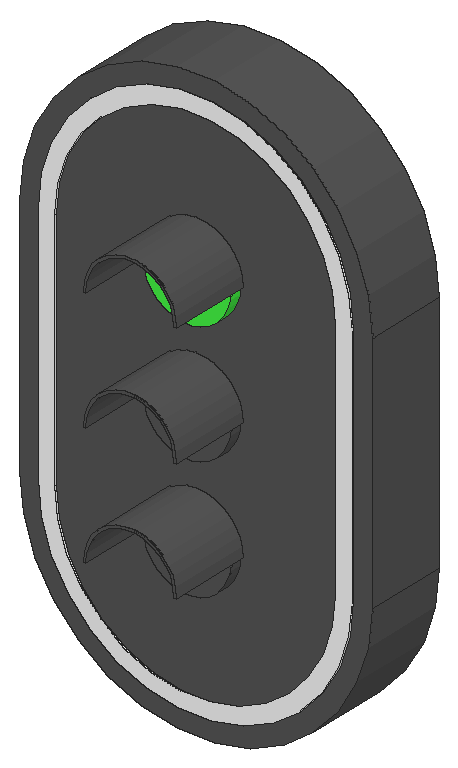
Revit family "Signalisation Type A", category Equipement spécialisé, Revit 2016
Family settings
  Type d'élément = Normal
  Cote de connecteur circulaire = Utiliser le diamètre
  Basée sur le plan de construction = Non
  Toujours verticalement = Oui
  Couper avec des vides une fois chargée = Non
  Partagée = Non
  Point de calcul de pièce = Non
Parameters (values of type "Vert")
  Matériaux 3 = Gris 25
  Matériaux 2 = Gris 25
  Matériaux 1 = Vert
Types (3, lengths in mm): name | Matériaux 3 | Matériaux 2 | Matériaux 1
  Vert | Gris 25 | Gris 25 | Vert
  Rouge | Gris 25 | Rouge | Gris 25
  Jaune | Jaune | Gris 25 | Gris 25
Reference planes
  plane 1 "Centre (avant/arrière)": y = 0
  plane 2: z = 0
  plane 3 "Centre (gauche/droite)": x = 0
Forms (mm)
  Extrusion 1, solid, material "Gris 25"
    sketch origin (0, 0, 0) x (1, 0, 0) y (0, 0, 1)
      loop
        line (320, 320) -> (320, 760)
        arc (320, 760) -> (0, 1080) -> (-320, 760) r 320
        line (-320, 760) -> (-320, 320)
        arc (-320, 320) -> (0, 0) -> (320, 320) r 320
    from 0 to 150
  Sweep 2, solid, material "Blanc"
    path origin (0, -150, 0) x (1, 0, 0) y (0, 0, 1)
      loop
        line (270, 320) -> (270, 760)
        arc (270, 760) -> (0, 1030) -> (-270, 760) r 270
        line (-270, 760) -> (-270, 320)
        arc (-270, 320) -> (0, 50) -> (270, 320) r 270
    profile origin (270, -150, 540) x (-1, 0, 0) y (0, -1, 0)
      loop
        line (15, 0) -> (15, 2) -> (-15, 2) -> (-15, 0) -> (15, 0)
  Extrusion 3, solid, material "Gris 25" <- "Matériaux 3"
    sketch origin (0, -150, 0) x (1, 0, 0) y (0, 0, 1)
      loop
        circle (0, 320) r 80
    from 0 to 20
  Extrusion 4, solid, material "Gris 25" <- "Matériaux 2"
    sketch origin (0, -150, 220) x (1, 0, 0) y (0, 0, 1)
      loop
        circle (0, 320) r 80
    from 0 to 20
  Extrusion 5, solid, material "Vert" <- "Matériaux 1"
    sketch origin (0, -150, 440) x (1, 0, 0) y (0, 0, 1)
      loop
        circle (0, 320) r 80
    from 0 to 20
  Extrusion 6, solid, material "Gris 25"
    sketch origin (0, -150, -660) x (1, 0, 0) y (0, 0, 1)
      loop
        line (80, 1420) -> (85, 1420)
        arc (85, 1420) -> (0, 1505) -> (-85, 1420) r 85
        line (-85, 1420) -> (-80, 1420)
        arc (-80, 1420) -> (0, 1500) -> (80, 1420) r 80
    from 0 to 150
  Extrusion 7, solid, material "Gris 25"
    sketch origin (0, -150, -880) x (1, 0, 0) y (0, 0, 1)
      loop
        line (80, 1420) -> (85, 1420)
        arc (85, 1420) -> (0, 1505) -> (-85, 1420) r 85
        line (-85, 1420) -> (-80, 1420)
        arc (-80, 1420) -> (0, 1500) -> (80, 1420) r 80
    from 0 to 150
  Extrusion 8, solid, material "Gris 25"
    sketch origin (0, -150, -1100) x (1, 0, 0) y (0, 0, 1)
      loop
        line (80, 1420) -> (85, 1420)
        arc (85, 1420) -> (0, 1505) -> (-85, 1420) r 85
        line (-85, 1420) -> (-80, 1420)
        arc (-80, 1420) -> (0, 1500) -> (80, 1420) r 80
    from 0 to 150
Dimensions and locks
  aligned and locked: level to plane 2
